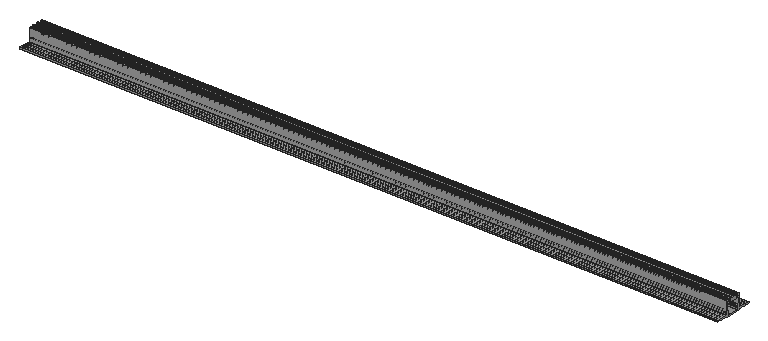
Revit family "Alcon-12100-10-R-Revit-Family", category Lighting Fixtures, host Ceiling, Revit 2021
Family settings
  Host = Ceiling
  Round Connector Dimension = Use Diameter
  Part Type = Normal
  Always vertical = Yes
  Cut with Voids When Loaded = No
  Light Source = Yes
  Shared = No
  Room Calculation Point = No
Parameters (values of type "12100-10-R-4'")
  Wattage = 9.2903 W
  built-in parameter 1150110 = 1 (stored number, unit not read)
  built-in parameter 1114217 = 1 (stored number, unit not read)
  built-in parameter 1150109 = 1 (stored number, unit not read)
  built-in parameter 1150134 = 3
  built-in parameter 1150113 = 1 (stored number, unit not read)
  Product Identity = "Alcon Lighting 12100-10-R"
  Manufacturer = "Alcon Light"
  built-in parameter 1150105 = 439.27 (stored number, unit not read)
  Lumens = 1380 lm
  built-in parameter 1150115 = 1 (stored number, unit not read)
  Link To Product Page = "https://www.alconlighting.com/12100-10-r-continuum-10-recessed-architectural-led-trimless-linear-recessed-mount-light-fixture.html"
  Light Source Symbol Size = 0' - 1"
  built-in parameter 1150137 = (empty or 0)
  built-in parameter 1150139 = (empty or 0)
  Length = 4' - 0"
  Led Source = Led Source
  built-in parameter 1150112 = 1 (stored number, unit not read)
  built-in parameter 1150114 = 1 (stored number, unit not read)
  built-in parameter 1150132 = (empty or 0)
  built-in parameter 1150102 = (empty or 0)
  built-in parameter 1150107 = 3200 (stored number, unit not read)
  built-in parameter 1150138 = (empty or 0)
  built-in parameter 1150106 = 4.3927 (stored number, unit not read)
  Housing = Default
  Lens = Lens
  Emit from Line Length = 4' - 0"
  built-in parameter 1150104 = 13.8 (stored number, unit not read)
  Dimming Lamp Color Temperature Shift = <None>
  Default Elevation = 0' - 0"
  Color Filter = 16777215
  built-in parameter 1114218 = 1 (stored number, unit not read)
  built-in parameter 1150133 = 10 (stored number, unit not read)
Types (5): name | Length | Emit from Line Length
  12100-10-R-3' | 3' - 0" | 3' - 0"
  12100-10-R-4' | 4' - 0" | 4' - 0"
  12100-10-R-6' | 6' - 0" | 6' - 0"
  12100-10-R-2' | 2' - 0" | 2' - 0"
  12100-10-R-8' | 8' - 0" | 8' - 0"
Reference planes (in)
  plane 1 "Center (Front/Back)": y = 0
  plane 2: z = 0
  plane 3 "Center (Left/Right)": x = 0
  plane 4 "Ceiling": z = 157.48031
Forms (in)
  Extrusion 1, solid, material "Default" <- "Housing"
    sketch origin (0, 0, 318.44208) x (0, -1, 0) y (0, 0, -1)
      loop
        line (0.47349, 160.995) -> (0.47349, 160.94031) -> (0.43007, 160.94031) -> (0.43007, 160.84112) -> (0.48175, 160.81702) -> (0.48175, 160.7833)
        arc (0.48175, 160.7833) -> (0.43116, 160.77221) -> (0.3962, 160.73399) r 0.08567
        line (0.3962, 160.73399) -> (0.43007, 160.71896)
        arc (0.43007, 160.71896) -> (0.49226, 160.69592) -> (0.42776, 160.68047) r 0.03466
        line (0.42776, 160.68047) -> (0.3962, 160.66199)
        arc (0.3962, 160.66199) -> (0.43116, 160.62377) -> (0.48175, 160.61268) r 0.08567
        line (0.48175, 160.61268) -> (0.48175, 160.20144) -> (-0.48175, 160.20144) -> (-0.48175, 160.61268)
        arc (-0.48175, 160.61268) -> (-0.43116, 160.62377) -> (-0.3962, 160.66199) r 0.08567
        line (-0.3962, 160.66199) -> (-0.42776, 160.68047)
        arc (-0.42776, 160.68047) -> (-0.49226, 160.69592) -> (-0.43007, 160.71896) r 0.03466
        line (-0.43007, 160.71896) -> (-0.3962, 160.73399)
        arc (-0.3962, 160.73399) -> (-0.43116, 160.77221) -> (-0.48175, 160.7833) r 0.08567
        line (-0.48175, 160.7833) -> (-0.48175, 160.81702) -> (-0.43007, 160.84112) -> (-0.43007, 160.94031) -> (-0.47349, 160.94031) -> (-0.47349, 160.995) -> (-0.53884, 160.995) -> (-0.53884, 160.92853) -> (-0.57195, 160.92853) -> (-0.59587, 160.90462) -> (-0.61978, 160.92853) -> (-0.66332, 160.92853) -> (-0.68723, 160.90462) -> (-0.71114, 160.92853) -> (-0.75468, 160.92853) -> (-0.77859, 160.90462) -> (-0.80251, 160.92853) -> (-0.84604, 160.92853) -> (-0.86996, 160.90462) -> (-0.89387, 160.92853) -> (-0.93741, 160.92853) -> (-0.96132, 160.90462) -> (-0.98524, 160.92853) -> (-1.02877, 160.92853) -> (-1.05269, 160.90462) -> (-1.0766, 160.92853) -> (-1.12014, 160.92853) -> (-1.14405, 160.90462) -> (-1.16796, 160.92853) -> (-1.2115, 160.92853) -> (-1.23541, 160.90462) -> (-1.25933, 160.92853) -> (-1.32862, 160.92853) -> (-1.32862, 160.85311) -> (-0.53884, 160.85311) -> (-0.53884, 159.98246) -> (-0.41393, 159.98246) -> (-0.41393, 160.04169) -> (-0.48175, 160.04169) -> (-0.48175, 160.13618) -> (-0.15232, 160.13618) -> (-0.15232, 160.04169) -> (-0.2186, 160.04169) -> (-0.2186, 159.97611) -> (-0.10789, 159.97611) -> (-0.08849, 160.04851) -> (-0.04231, 160.04851) -> (-0.02034, 160.07048)
        arc (-0.02034, 160.07048) -> (0, 160.13824) -> (0.02034, 160.07048) r 0.03693
        line (0.02034, 160.07048) -> (0.04231, 160.04851) -> (0.08849, 160.04851) -> (0.10789, 159.97611) -> (0.2186, 159.97611) -> (0.2186, 160.04169) -> (0.15232, 160.04169) -> (0.15232, 160.13618) -> (0.48175, 160.13618) -> (0.48175, 160.04169) -> (0.41393, 160.04169) -> (0.41393, 159.98246) -> (0.53884, 159.98246) -> (0.53884, 160.85311) -> (1.32862, 160.85311) -> (1.32862, 160.92853) -> (1.25933, 160.92853) -> (1.23541, 160.90462) -> (1.2115, 160.92853) -> (1.16796, 160.92853) -> (1.14405, 160.90462) -> (1.12014, 160.92853) -> (1.0766, 160.92853) -> (1.05269, 160.90462) -> (1.02877, 160.92853) -> (0.98524, 160.92853) -> (0.96132, 160.90462) -> (0.93741, 160.92853) -> (0.89387, 160.92853) -> (0.86996, 160.90462) -> (0.84604, 160.92853) -> (0.80251, 160.92853) -> (0.77859, 160.90462) -> (0.75468, 160.92853) -> (0.71114, 160.92853) -> (0.68723, 160.90462) -> (0.66332, 160.92853) -> (0.61978, 160.92853) -> (0.59587, 160.90462) -> (0.57195, 160.92853) -> (0.53884, 160.92853) -> (0.53884, 160.995) -> (0.47349, 160.995)
    from 0 to 48
  Extrusion 2, solid, material "Lens" <- "Lens"
    sketch origin (0, 0, 318.52021) x (0, -1, 0) y (0, 0, -1)
      loop
        line (0.47349, 161.01844) -> (0.47349, 161.07313) -> (-0.47349, 161.07313) -> (-0.47349, 161.01844) -> (-0.43007, 161.01844) -> (-0.43007, 160.91925) -> (-0.46694, 160.90205) -> (-0.44263, 160.87775)
        arc (-0.44263, 160.87775) -> (-0.42589, 160.87165) -> (-0.41045, 160.88056) r 0.02108
        line (-0.41045, 160.88056) -> (-0.38939, 160.91064) -> (-0.38939, 160.99545) -> (0.38939, 160.99545) -> (0.38939, 160.91064) -> (0.41045, 160.88056)
        arc (0.41045, 160.88056) -> (0.42589, 160.87165) -> (0.44263, 160.87775) r 0.02108
        line (0.44263, 160.87775) -> (0.46694, 160.90205) -> (0.43007, 160.91925) -> (0.43007, 161.01844) -> (0.47349, 161.01844)
    from 0 to 48
  Extrusion 3, void
    sketch origin (0, 0, 157.48031) x (0, 1, 0) y (-1, 0, 0)
      loop
        line (-0.53884, 0) -> (-0.53884, -48) -> (0.53884, -48) -> (0.53884, 0) -> (-0.53884, 0)
    from -0.14164 to 1.18394
Dimensions and locks (in)
  equal spacing: host sketch curve, plane 3 "Center (Left/Right)", host sketch curve
  equal spacing: host sketch curve, plane 1 "Center (Front/Back)", host sketch curve
  host sketch curve to host sketch curve = 13' - 1.48031"  (x2)
  plane 4 "Ceiling" to host ceiling = 0' - 0"
  "Length": plane 3 "Center (Left/Right)" to Extrusion 3
  "Length": plane 3 "Center (Left/Right)" to Extrusion 2
  "Length": plane 3 "Center (Left/Right)" to Extrusion 1
Automatic sketch dimensions
  Extrusion 3 sketch curve to plane 3 "Center (Left/Right)" = 0' - 0"
  plane 1 "Center (Front/Back)" to Extrusion 3 sketch curve = 0' - 0.53884"
  Extrusion 3 sketch curve to plane 1 "Center (Front/Back)" = 0' - 0.53884"
  plane 3 "Center (Left/Right)" to Extrusion 3 sketch curve = 4' - 0"
  Extrusion 2 sketch curve to plane 4 "Ceiling" = 0' - 0.02145"  (x2)
  Extrusion 2 sketch curve to plane 1 "Center (Front/Back)" = 0' - 0.47349"
  Extrusion 2 sketch curve to plane 4 "Ceiling" = 0' - 0.13784"  (x2)
  Extrusion 2 sketch curve to Extrusion 2 sketch curve = 0' - 0.00655"
  Extrusion 2 sketch curve to plane 4 "Ceiling" = 0' - 0.16214"  (x2)
  Extrusion 2 sketch curve to Extrusion 2 sketch curve = 0' - 0.0243"  (x2)
  Extrusion 2 sketch curve to plane 4 "Ceiling" = 0' - 0.12065"  (x2)
  Extrusion 2 sketch curve to Extrusion 2 sketch curve = 0' - 0.03687"
  Extrusion 2 sketch curve to Extrusion 2 sketch curve = 0' - 0.01491"  (x2)
  Extrusion 2 sketch curve to plane 4 "Ceiling" = 0' - 0.15933"  (x2)
  Extrusion 2 sketch curve to Extrusion 2 sketch curve = 0' - 0.01727"  (x2)
  Extrusion 2 sketch curve to Extrusion 2 sketch curve = 0' - 0.02106"  (x2)
  Extrusion 2 sketch curve to plane 4 "Ceiling" = 0' - 0.12925"
  plane 1 "Center (Front/Back)" to Extrusion 2 sketch curve = 0' - 0.38939"
  Extrusion 2 sketch curve to Extrusion 2 sketch curve = 0' - 0.00234"
  Extrusion 2 sketch curve to Extrusion 2 sketch curve = 0' - 0.04342"
  Extrusion 2 sketch curve to Extrusion 2 sketch curve = 0' - 0.03008"
  Extrusion 2 sketch curve to plane 4 "Ceiling" = 0' - 0.04445"
  Extrusion 2 sketch curve to Extrusion 2 sketch curve = 0' - 0 7/128"
  Extrusion 1 sketch curve to Extrusion 1 sketch curve = 0' - 0"  (x6)
  Extrusion 1 sketch curve to plane 4 "Ceiling" = 0' - 0.02145"  (x2)
  Extrusion 1 sketch curve to plane 4 "Ceiling" = 0' - 0.10866"
  Extrusion 1 sketch curve to plane 1 "Center (Front/Back)" = 0' - 1.32862"
  Extrusion 1 sketch curve to plane 4 "Ceiling" = 0' - 0.03324"  (x18)
  Extrusion 1 sketch curve to Extrusion 1 sketch curve = 0' - 0.06929"  (x2)
  Extrusion 1 sketch curve to plane 4 "Ceiling" = 0' - 0.05715"  (x16)
  Extrusion 1 sketch curve to Extrusion 1 sketch curve = 0' - 0.02391"  (x16)
  Extrusion 1 sketch curve to Extrusion 1 sketch curve = 0' - 0.04354"  (x14)
  Extrusion 1 sketch curve to Extrusion 1 sketch curve = 0' - 0.05703"
  Extrusion 1 sketch curve to Extrusion 1 sketch curve = 0' - 0.03311"  (x2)
  Extrusion 1 sketch curve to Extrusion 1 sketch curve = 0' - 0.05709"  (x4)
  Extrusion 1 sketch curve to plane 4 "Ceiling" = 0' - 0.14475"
  Extrusion 1 sketch curve to Extrusion 1 sketch curve = 0' - 0 1/128"
  Extrusion 1 sketch curve to Extrusion 1 sketch curve = 0' - 0.06536"  (x2)
  Extrusion 1 sketch curve to Extrusion 1 sketch curve = 0' - 0.01628"  (x2)
  Extrusion 1 sketch curve to Extrusion 1 sketch curve = 0' - 0.04342"  (x2)
  Extrusion 1 sketch curve to plane 4 "Ceiling" = 0' - 0.24281"  (x2)
  Extrusion 1 sketch curve to Extrusion 1 sketch curve = 0' - 0.0276"
  Extrusion 1 sketch curve to plane 4 "Ceiling" = 0' - 0.2813"
  Extrusion 1 sketch curve to Extrusion 1 sketch curve = 0' - 0.0299"  (x2)
  Extrusion 1 sketch curve to Extrusion 1 sketch curve = 0' - 0.06782"  (x3)
  Extrusion 1 sketch curve to plane 4 "Ceiling" = 0' - 0.22777"
  Extrusion 1 sketch curve to Extrusion 1 sketch curve = 0' - 0.03386"  (x3)
  Extrusion 1 sketch curve to plane 4 "Ceiling" = 0' - 0.29978"
  Extrusion 1 sketch curve to Extrusion 1 sketch curve = 0' - 0.03155"  (x2)
  Extrusion 1 sketch curve to Extrusion 1 sketch curve = 0' - 0 25/128"  (x2)
  Extrusion 1 sketch curve to Extrusion 1 sketch curve = 0' - 0.06628"  (x2)
  Extrusion 1 sketch curve to Extrusion 1 sketch curve = 0' - 0.04442"
  Extrusion 1 sketch curve to Extrusion 1 sketch curve = 0' - 0.06382"  (x2)
  Extrusion 1 sketch curve to Extrusion 1 sketch curve = 0' - 0.04618"  (x2)
  Extrusion 1 sketch curve to Extrusion 1 sketch curve = 0' - 0.02034"  (x2)
  Extrusion 1 sketch curve to Extrusion 1 sketch curve = 0' - 0.02198"  (x4)
  Extrusion 1 sketch curve to Extrusion 1 sketch curve = 0' - 0.0194"
  plane 1 "Center (Front/Back)" to Extrusion 1 sketch curve = 0' - 0.3962"
  Extrusion 1 sketch curve to Extrusion 1 sketch curve = 0' - 0.05169"
  Extrusion 1 sketch curve to Extrusion 1 sketch curve = 0' - 0.05697"
  Extrusion 1 sketch curve to Extrusion 1 sketch curve = 0' - 0.04931"
  Extrusion 1 sketch curve to Extrusion 1 sketch curve = 0' - 0.06779"
  Extrusion 1 sketch curve to Extrusion 1 sketch curve = 0' - 0.41124"
  Extrusion 1 sketch curve to Extrusion 1 sketch curve = 0' - 0.06526"  (x2)
  Extrusion 1 sketch curve to Extrusion 1 sketch curve = 0' - 0.10013"
  Extrusion 1 sketch curve to Extrusion 1 sketch curve = 0' - 0.03083"
  Extrusion 1 sketch curve to Extrusion 1 sketch curve = 0' - 0.09449"  (x2)
  Extrusion 1 sketch curve to Extrusion 1 sketch curve = 0' - 0.00682"  (x2)
  Extrusion 1 sketch curve to Extrusion 1 sketch curve = 0' - 0.05923"  (x2)
  Extrusion 1 sketch curve to Extrusion 1 sketch curve = 0' - 0.06558"
  Extrusion 1 sketch curve to Extrusion 1 sketch curve = 0' - 0.0724"
  Extrusion 1 sketch curve to Extrusion 1 sketch curve = 0' - 0.01849"
  Extrusion 1 sketch curve to Extrusion 1 sketch curve = 0' - 0.01504"
  Extrusion 1 sketch curve to Extrusion 1 sketch curve = 0' - 0.03372"
  Extrusion 1 sketch curve to Extrusion 1 sketch curve = 0' - 0.0241"  (x2)
  Extrusion 1 sketch curve to Extrusion 1 sketch curve = 0' - 0.07542"
  Extrusion 1 sketch curve to Extrusion 1 sketch curve = 0' - 0 7/128"
  plane 4 "Ceiling" to Extrusion 1 sketch curve = 0' - 0.03324"
